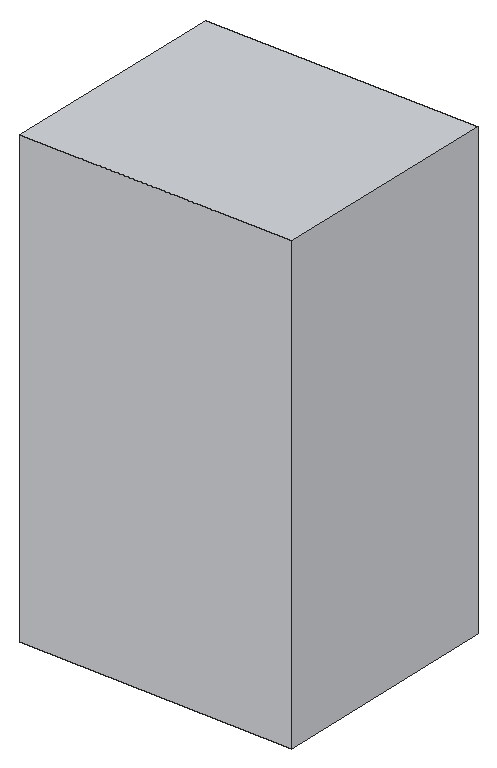
Revit family "Pump_Rheem_DeliverySkid", category Mechanical Equipment, Revit 2014 (continued)
Automatic sketch dimensions
  Extrusion 122 sketch curve to Extrusion 122 sketch curve = 0.871 mm
  Extrusion 122 sketch curve to Extrusion 122 sketch curve = 3 mm  (x2)
  plane 1 "Center (Front/Back)" to Extrusion 122 sketch curve = 90.553 mm
  Extrusion 122 sketch curve to Extrusion 122 sketch curve = 7.629 mm
  Extrusion 122 sketch curve to Extrusion 122 sketch curve = 0.36 mm
  plane 1 "Center (Front/Back)" to Extrusion 122 sketch curve = 110.599 mm
  Extrusion 122 sketch curve to Extrusion 122 sketch curve = 2.719 mm
  Extrusion 122 sketch curve to Extrusion 122 sketch curve = 0.421 mm
  plane 1 "Center (Front/Back)" to Extrusion 122 sketch curve = 109.016 mm
  Extrusion 122 sketch curve to Extrusion 122 sketch curve = 2.55 mm
  plane 1 "Center (Front/Back)" to Extrusion 122 sketch curve = 141.763 mm
  plane 1 "Center (Front/Back)" to Extrusion 122 sketch curve = 145.263 mm
  Extrusion 122 sketch curve to Extrusion 122 sketch curve = 0.5 mm
  Extrusion 123 sketch curve to plane 3 "Center (Left/Right)" = 156.49 mm
  Extrusion 123 sketch curve to Extrusion 123 sketch curve = 2 mm  (x3)
  Extrusion 123 sketch curve to Extrusion 123 sketch curve = 15.999 mm  (x2)
  plane 1 "Center (Front/Back)" to Extrusion 123 sketch curve = 2.023 mm
  Extrusion 123 sketch curve to Extrusion 123 sketch curve = 84.78 mm
  Extrusion 124 sketch curve to Extrusion 124 sketch curve = 0 mm  (x2)
  Extrusion 124 sketch curve to plane 3 "Center (Left/Right)" = 167.989 mm
  Extrusion 124 sketch curve to Extrusion 124 sketch curve = 7.952 mm  (x2)
  Extrusion 124 sketch curve to Extrusion 124 sketch curve = 2.639 mm  (x2)
  Extrusion 124 sketch curve to Extrusion 124 sketch curve = 13.546 mm
  Extrusion 124 sketch curve to Extrusion 124 sketch curve = 4.419 mm
  Extrusion 124 sketch curve to Extrusion 124 sketch curve = 4.75 mm
  plane 1 "Center (Front/Back)" to Extrusion 124 sketch curve = 148.513 mm
  Extrusion 124 sketch curve to Extrusion 124 sketch curve = 10.907 mm
  Extrusion 125 sketch curve to plane 3 "Center (Left/Right)" = 155.295 mm
  Extrusion 125 sketch curve to Extrusion 125 sketch curve = 4.402 mm  (x3)
  Extrusion 125 sketch curve to Extrusion 125 sketch curve = 8.805 mm  (x2)
  plane 1 "Center (Front/Back)" to Extrusion 125 sketch curve = 134.639 mm
  Extrusion 125 sketch curve to Extrusion 125 sketch curve = 7.625 mm  (x3)
  Extrusion 126 sketch curve to plane 3 "Center (Left/Right)" = 146.491 mm
  plane 1 "Center (Front/Back)" to Extrusion 126 sketch curve = 127.014 mm
  Extrusion 127 sketch curve to plane 3 "Center (Left/Right)" = 151.491 mm
  Extrusion 127 sketch curve to Extrusion 127 sketch curve = 1.802 mm  (x4)
  Extrusion 127 sketch curve to Extrusion 127 sketch curve = 3.198 mm  (x3)
  Extrusion 127 sketch curve to plane 8 = 604.294 mm
  Extrusion 127 sketch curve to Extrusion 127 sketch curve = 9.171 mm
  Revolve 128 sketch curve to plane 3 "Center (Left/Right)" = 178.965 mm
  Revolve 128 sketch curve to Revolve 128 sketch curve = 5 mm  (x3)
  Revolve 128 sketch curve to Revolve 128 sketch curve = 0.5 mm
  plane 1 "Center (Front/Back)" to Revolve 128 sketch curve = 54.369 mm
  Revolve 128 sketch curve to Revolve 128 sketch curve = 0.056 mm
  plane 1 "Center (Front/Back)" to Revolve 128 sketch curve = 75.795 mm
  Revolve 128 sketch curve to Revolve 128 sketch curve = 1.498 mm
  plane 1 "Center (Front/Back)" to Revolve 128 sketch curve = 76.323 mm
  Revolve 128 sketch curve to Revolve 128 sketch curve = 0.504 mm
  Revolve 128 sketch curve to Revolve 128 sketch curve = 0.067 mm
  Revolve 128 sketch curve to Revolve 128 sketch curve = 2.481 mm
  Revolve 128 sketch curve to Revolve 128 sketch curve = 0.147 mm
  Revolve 128 sketch curve to Revolve 128 sketch curve = 1.079 mm
  Revolve 128 sketch curve to Revolve 128 sketch curve = 6.488 mm
  Revolve 128 sketch curve to Revolve 128 sketch curve = 0 mm  (x14)
  Revolve 128 sketch curve to Revolve 128 sketch curve = 2.851 mm
  Revolve 128 sketch curve to Revolve 128 sketch curve = 5.933 mm
  plane 1 "Center (Front/Back)" to Revolve 128 sketch curve = 19.008 mm
  plane 1 "Center (Front/Back)" to Revolve 128 sketch curve = 20.745 mm
  plane 1 "Center (Front/Back)" to Revolve 128 sketch curve = 79.109 mm
  plane 1 "Center (Front/Back)" to Revolve 128 sketch curve = 77.372 mm
  Revolve 128 sketch curve to Revolve 128 sketch curve = 0.376 mm
  plane 1 "Center (Front/Back)" to Revolve 128 sketch curve = 76.887 mm
  Revolve 128 sketch curve to Revolve 128 sketch curve = 0.84 mm
  plane 1 "Center (Front/Back)" to Revolve 128 sketch curve = 21.613 mm
  Revolve 128 sketch curve to Revolve 128 sketch curve = 1.504 mm  (x6)
  plane 1 "Center (Front/Back)" to Revolve 128 sketch curve = 79.977 mm
  plane 1 "Center (Front/Back)" to Revolve 128 sketch curve = 19.876 mm
  Revolve 128 sketch curve to Revolve 128 sketch curve = 1.129 mm
  plane 1 "Center (Front/Back)" to Revolve 128 sketch curve = 78.24 mm
  Revolve 128 sketch curve to Revolve 128 sketch curve = 0.665 mm
  plane 1 "Center (Front/Back)" to Revolve 128 sketch curve = 18.139 mm
  Revolve 128 sketch curve to Revolve 128 sketch curve = 19.482 mm  (x2)
  Revolve 128 sketch curve to Revolve 128 sketch curve = 26.919 mm
  Revolve 128 sketch curve to Revolve 128 sketch curve = 1.737 mm  (x8)
  Revolve 128 sketch curve to Revolve 128 sketch curve = 16.823 mm
  Revolve 128 sketch curve to Revolve 128 sketch curve = 0.082 mm
  Revolve 128 sketch curve to Revolve 128 sketch curve = 3 mm
  Revolve 128 sketch curve to Revolve 128 sketch curve = 42.856 mm
  Revolve 128 sketch curve to Revolve 128 sketch curve = 7.14 mm
  Revolve 128 sketch curve to Revolve 128 sketch curve = 18.749 mm
  Revolve 128 sketch curve to Revolve 128 sketch curve = 0.652 mm
  Revolve 128 sketch curve to Revolve 128 sketch curve = 1.52 mm
  Revolve 128 sketch curve to Revolve 128 sketch curve = 0.869 mm  (x3)
  Revolve 128 sketch curve to Revolve 128 sketch curve = 15.366 mm
  Revolve 128 sketch curve to Revolve 128 sketch curve = 4.343 mm
  Revolve 128 sketch curve to plane 1 "Center (Front/Back)" = 21.861 mm
  Extrusion 129 sketch curve to plane 3 "Center (Left/Right)" = 181.491 mm
  Extrusion 129 sketch curve to Extrusion 129 sketch curve = 10.251 mm  (x6)
  Extrusion 129 sketch curve to Extrusion 129 sketch curve = 24.749 mm  (x8)
  Extrusion 129 sketch curve to plane 8 = 613.768 mm
  Extrusion 130 sketch curve to plane 3 "Center (Left/Right)" = 171.491 mm
  Extrusion 130 sketch curve to Extrusion 130 sketch curve = 7.322 mm  (x6)
  Extrusion 130 sketch curve to Extrusion 130 sketch curve = 17.678 mm  (x8)
  Extrusion 130 sketch curve to plane 8 = 623.768 mm
  plane 5 to Sweep 131 sketch curve = 125.092 mm
  level to Sweep 131 sketch curve = 677.188 mm
  Sweep 131 sketch curve to Sweep 131 sketch curve = 37.998 mm
  Sweep 131 sketch curve to profile plane = 0 mm  (x2)
  Revolve 132 sketch curve to plane 3 "Center (Left/Right)" = 171.491 mm
  Revolve 132 sketch curve to Revolve 132 sketch curve = 3.918 mm  (x2)
  Revolve 132 sketch curve to Revolve 132 sketch curve = 0 mm  (x4)
  Revolve 132 sketch curve to Revolve 132 sketch curve = 0.02 mm
  Revolve 132 sketch curve to Revolve 132 sketch curve = 1.621 mm  (x4)
  Revolve 132 sketch curve to Revolve 132 sketch curve = 1.601 mm
  Revolve 132 sketch curve to Revolve 132 sketch curve = 19.461 mm
  level to Revolve 132 sketch curve = 664.037 mm
  Revolve 132 sketch curve to Revolve 132 sketch curve = 1.001 mm
  Revolve 132 sketch curve to Revolve 132 sketch curve = 1.013 mm  (x9)
  Revolve 132 sketch curve to Revolve 132 sketch curve = 3.032 mm
  Revolve 132 sketch curve to Revolve 132 sketch curve = 8.035 mm
  Revolve 132 sketch curve to Revolve 132 sketch curve = 2.052 mm
  plane 5 to Extrusion 133 sketch curve = 113.169 mm
  Extrusion 133 sketch curve to Extrusion 133 sketch curve = 7.637 mm  (x6)
  Extrusion 133 sketch curve to Extrusion 133 sketch curve = 18.437 mm  (x8)
  plane 3 "Center (Left/Right)" to Extrusion 133 sketch curve = 120.416 mm
  plane 5 to Extrusion 134 sketch curve = 122.094 mm
  Extrusion 134 sketch curve to Extrusion 134 sketch curve = 10.251 mm  (x6)
  Extrusion 134 sketch curve to Extrusion 134 sketch curve = 24.749 mm  (x8)
  plane 3 "Center (Left/Right)" to Extrusion 134 sketch curve = 111.491 mm
  plane 5 to Extrusion 135 sketch curve = 112.094 mm
  Extrusion 135 sketch curve to Extrusion 135 sketch curve = 7.322 mm  (x6)
  Extrusion 135 sketch curve to Extrusion 135 sketch curve = 17.678 mm  (x8)
  plane 3 "Center (Left/Right)" to Extrusion 135 sketch curve = 121.491 mm
  Extrusion 136 sketch curve to Extrusion 136 sketch curve = 0 mm  (x3)
  plane 5 to Extrusion 136 sketch curve = 27.122 mm
  Extrusion 136 sketch curve to Extrusion 136 sketch curve = 0.871 mm
  Extrusion 136 sketch curve to Extrusion 136 sketch curve = 3 mm  (x2)
  Extrusion 136 sketch curve to Extrusion 136 sketch curve = 0.469 mm
  Extrusion 136 sketch curve to Extrusion 136 sketch curve = 3.031 mm
  Extrusion 136 sketch curve to Extrusion 136 sketch curve = 7.629 mm
  Extrusion 136 sketch curve to Extrusion 136 sketch curve = 0.36 mm
  Extrusion 136 sketch curve to Extrusion 136 sketch curve = 2.719 mm
  Extrusion 136 sketch curve to Extrusion 136 sketch curve = 0.421 mm
  Extrusion 136 sketch curve to Extrusion 136 sketch curve = 2.55 mm
  Extrusion 136 sketch curve to Extrusion 136 sketch curve = 0.5 mm
  Extrusion 136 sketch curve to plane 8 = 568.602 mm
  Extrusion 136 sketch curve to Extrusion 136 sketch curve = 29.498 mm
  Extrusion 136 sketch curve to Extrusion 136 sketch curve = 0.096 mm
  Extrusion 136 sketch curve to Extrusion 136 sketch curve = 18.546 mm
  plane 3 "Center (Left/Right)" to Extrusion 137 sketch curve = 156.49 mm
  Extrusion 137 sketch curve to Extrusion 137 sketch curve = 2 mm  (x3)
  Extrusion 137 sketch curve to Extrusion 137 sketch curve = 15.999 mm  (x2)
  Extrusion 137 sketch curve to plane 8 = 625.062 mm
  Extrusion 137 sketch curve to Extrusion 137 sketch curve = 84.78 mm
  plane 5 to Extrusion 138 sketch curve = 53.594 mm
  Extrusion 138 sketch curve to Extrusion 138 sketch curve = 9.171 mm
  Extrusion 138 sketch curve to Extrusion 138 sketch curve = 0 mm
  Extrusion 138 sketch curve to Extrusion 138 sketch curve = 1.802 mm  (x3)
  plane 3 "Center (Left/Right)" to Extrusion 138 sketch curve = 141.491 mm
  Extrusion 138 sketch curve to Extrusion 138 sketch curve = 3.198 mm  (x3)
  Extrusion 139 sketch curve to Extrusion 139 sketch curve = 0 mm  (x2)
  Extrusion 139 sketch curve to plane 3 "Center (Left/Right)" = 137.322 mm
  Extrusion 139 sketch curve to Extrusion 139 sketch curve = 4.75 mm
  Extrusion 139 sketch curve to Extrusion 139 sketch curve = 9.169 mm
  Extrusion 139 sketch curve to Extrusion 139 sketch curve = 10.907 mm  (x2)
  Extrusion 139 sketch curve to Extrusion 139 sketch curve = 2.639 mm  (x2)
  Extrusion 139 sketch curve to Extrusion 139 sketch curve = 7.952 mm  (x2)
  plane 8 to Extrusion 139 sketch curve = 565.352 mm
  Extrusion 140 sketch curve to plane 3 "Center (Left/Right)" = 137.686 mm
  Extrusion 140 sketch curve to Extrusion 140 sketch curve = 4.402 mm  (x3)
  Extrusion 140 sketch curve to Extrusion 140 sketch curve = 8.805 mm  (x2)
  plane 8 to Extrusion 140 sketch curve = 579.226 mm
  Extrusion 140 sketch curve to Extrusion 140 sketch curve = 7.625 mm  (x3)
  Extrusion 141 sketch curve to plane 3 "Center (Left/Right)" = 146.491 mm
  plane 8 to Extrusion 141 sketch curve = 586.851 mm
  plane 3 "Center (Left/Right)" to Revolve 142 sketch curve = 114.016 mm
  Revolve 142 sketch curve to Revolve 142 sketch curve = 5 mm  (x3)
  Revolve 142 sketch curve to Revolve 142 sketch curve = 0.5 mm
  Revolve 142 sketch curve to Revolve 142 sketch curve = 0.101 mm
  Revolve 142 sketch curve to Revolve 142 sketch curve = 1.453 mm
  Revolve 142 sketch curve to Revolve 142 sketch curve = 0.504 mm
  Revolve 142 sketch curve to Revolve 142 sketch curve = 0.067 mm
  Revolve 142 sketch curve to Revolve 142 sketch curve = 2.481 mm
  Revolve 142 sketch curve to Revolve 142 sketch curve = 0.147 mm
  Revolve 142 sketch curve to Revolve 142 sketch curve = 0.656 mm
  Revolve 142 sketch curve to Revolve 142 sketch curve = 6.488 mm
  Revolve 142 sketch curve to Revolve 142 sketch curve = 0 mm  (x24)
  Revolve 142 sketch curve to Revolve 142 sketch curve = 5.887 mm
  Revolve 142 sketch curve to Revolve 142 sketch curve = 2.851 mm
  Revolve 142 sketch curve to Revolve 142 sketch curve = 0.361 mm
  Revolve 142 sketch curve to Revolve 142 sketch curve = 0.376 mm
  Revolve 142 sketch curve to Revolve 142 sketch curve = 0.84 mm
  Revolve 142 sketch curve to Revolve 142 sketch curve = 1.504 mm  (x3)
  Revolve 142 sketch curve to Revolve 142 sketch curve = 1.143 mm
  Revolve 142 sketch curve to Revolve 142 sketch curve = 0.665 mm
  Revolve 142 sketch curve to Revolve 142 sketch curve = 1.129 mm
  Revolve 142 sketch curve to Revolve 142 sketch curve = 26.874 mm
  Revolve 142 sketch curve to Revolve 142 sketch curve = 19.482 mm
  level to Revolve 142 sketch curve = 664.037 mm
  Revolve 142 sketch curve to Revolve 142 sketch curve = 0.66 mm
  Revolve 142 sketch curve to Revolve 142 sketch curve = 1.528 mm
  Revolve 142 sketch curve to Revolve 142 sketch curve = 1.737 mm  (x22)
  Revolve 142 sketch curve to Revolve 142 sketch curve = 11.951 mm
  Revolve 142 sketch curve to Revolve 142 sketch curve = 32.539 mm
  Revolve 142 sketch curve to Revolve 142 sketch curve = 20.734 mm
  Revolve 142 sketch curve to Revolve 142 sketch curve = 0.04 mm
  Revolve 142 sketch curve to Revolve 142 sketch curve = 0.564 mm
  Revolve 142 sketch curve to Revolve 142 sketch curve = 0.485 mm
  Revolve 142 sketch curve to Revolve 142 sketch curve = 1.353 mm
  Revolve 142 sketch curve to Revolve 142 sketch curve = 0.869 mm  (x2)
  Revolve 142 sketch curve to Revolve 142 sketch curve = 16.823 mm
  Revolve 142 sketch curve to Revolve 142 sketch curve = 0.082 mm
  Revolve 142 sketch curve to Revolve 142 sketch curve = 3 mm
  Revolve 142 sketch curve to Revolve 142 sketch curve = 42.856 mm
  Revolve 142 sketch curve to Revolve 142 sketch curve = 7.14 mm
  Revolve 142 sketch curve to Revolve 142 sketch curve = 18.749 mm
  Revolve 142 sketch curve to Revolve 142 sketch curve = 0.652 mm
  Revolve 142 sketch curve to Revolve 142 sketch curve = 1.52 mm
  Revolve 142 sketch curve to Revolve 142 sketch curve = 42.791 mm
  Revolve 142 sketch curve to Revolve 142 sketch curve = 32.392 mm
  Revolve 142 sketch curve to Revolve 142 sketch curve = 4.343 mm
  plane 5 to Extrusion 143 sketch curve = 113.169 mm
  Extrusion 143 sketch curve to Extrusion 143 sketch curve = 7.637 mm  (x6)
  Extrusion 143 sketch curve to Extrusion 143 sketch curve = 18.437 mm  (x8)
  Extrusion 143 sketch curve to plane 3 "Center (Left/Right)" = 109.569 mm
  plane 5 to Extrusion 144 sketch curve = 122.094 mm
  Extrusion 144 sketch curve to Extrusion 144 sketch curve = 10.251 mm  (x6)
  Extrusion 144 sketch curve to Extrusion 144 sketch curve = 24.749 mm  (x8)
  Extrusion 144 sketch curve to plane 3 "Center (Left/Right)" = 118.495 mm
  plane 5 to Extrusion 145 sketch curve = 112.094 mm
  Extrusion 145 sketch curve to Extrusion 145 sketch curve = 7.322 mm  (x6)
  Extrusion 145 sketch curve to Extrusion 145 sketch curve = 17.678 mm  (x8)
  Extrusion 145 sketch curve to plane 3 "Center (Left/Right)" = 108.495 mm
  Extrusion 146 sketch curve to Extrusion 146 sketch curve = 0 mm  (x3)
  plane 5 to Extrusion 146 sketch curve = 27.122 mm
  Extrusion 146 sketch curve to Extrusion 146 sketch curve = 0.871 mm
  Extrusion 146 sketch curve to Extrusion 146 sketch curve = 3 mm  (x2)
  Extrusion 146 sketch curve to Extrusion 146 sketch curve = 0.469 mm
  Extrusion 146 sketch curve to Extrusion 146 sketch curve = 3.031 mm
  Extrusion 146 sketch curve to Extrusion 146 sketch curve = 7.629 mm
  Extrusion 146 sketch curve to Extrusion 146 sketch curve = 0.36 mm
  Extrusion 146 sketch curve to Extrusion 146 sketch curve = 2.719 mm
  Extrusion 146 sketch curve to Extrusion 146 sketch curve = 0.421 mm
  Extrusion 146 sketch curve to Extrusion 146 sketch curve = 2.55 mm
  Extrusion 146 sketch curve to Extrusion 146 sketch curve = 0.5 mm
  Extrusion 146 sketch curve to plane 8 = 568.602 mm
  Extrusion 146 sketch curve to Extrusion 146 sketch curve = 29.498 mm
  Extrusion 146 sketch curve to Extrusion 146 sketch curve = 0.096 mm
  Extrusion 146 sketch curve to Extrusion 146 sketch curve = 18.546 mm
  Extrusion 147 sketch curve to plane 3 "Center (Left/Right)" = 73.495 mm
  Extrusion 147 sketch curve to Extrusion 147 sketch curve = 2 mm  (x3)
  Extrusion 147 sketch curve to Extrusion 147 sketch curve = 15.999 mm  (x2)
  Extrusion 147 sketch curve to plane 8 = 625.062 mm
  Extrusion 147 sketch curve to Extrusion 147 sketch curve = 84.78 mm
  plane 5 to Extrusion 148 sketch curve = 53.594 mm
  Extrusion 148 sketch curve to Extrusion 148 sketch curve = 9.171 mm
  Extrusion 148 sketch curve to Extrusion 148 sketch curve = 0 mm
  Extrusion 148 sketch curve to Extrusion 148 sketch curve = 1.802 mm  (x3)
  Extrusion 148 sketch curve to plane 3 "Center (Left/Right)" = 88.495 mm
  Extrusion 148 sketch curve to Extrusion 148 sketch curve = 3.198 mm  (x3)
  Extrusion 149 sketch curve to Extrusion 149 sketch curve = 0 mm  (x2)
  plane 3 "Center (Left/Right)" to Extrusion 149 sketch curve = 92.663 mm
  Extrusion 149 sketch curve to Extrusion 149 sketch curve = 4.75 mm
  Extrusion 149 sketch curve to Extrusion 149 sketch curve = 9.169 mm
  Extrusion 149 sketch curve to Extrusion 149 sketch curve = 10.907 mm  (x2)
  Extrusion 149 sketch curve to Extrusion 149 sketch curve = 2.639 mm  (x2)
  Extrusion 149 sketch curve to Extrusion 149 sketch curve = 7.952 mm  (x2)
  plane 8 to Extrusion 149 sketch curve = 565.352 mm
  plane 3 "Center (Left/Right)" to Extrusion 150 sketch curve = 92.299 mm
  Extrusion 150 sketch curve to Extrusion 150 sketch curve = 4.402 mm  (x3)
  Extrusion 150 sketch curve to Extrusion 150 sketch curve = 8.805 mm  (x2)
  plane 8 to Extrusion 150 sketch curve = 579.226 mm
  Extrusion 150 sketch curve to Extrusion 150 sketch curve = 7.625 mm  (x3)
  plane 3 "Center (Left/Right)" to Extrusion 151 sketch curve = 83.495 mm
  plane 8 to Extrusion 151 sketch curve = 586.851 mm
  Revolve 152 sketch curve to plane 3 "Center (Left/Right)" = 115.969 mm
  Revolve 152 sketch curve to Revolve 152 sketch curve = 5 mm  (x3)
  Revolve 152 sketch curve to Revolve 152 sketch curve = 0.5 mm
  Revolve 152 sketch curve to Revolve 152 sketch curve = 0.101 mm
  Revolve 152 sketch curve to Revolve 152 sketch curve = 1.453 mm
  Revolve 152 sketch curve to Revolve 152 sketch curve = 0.504 mm
  Revolve 152 sketch curve to Revolve 152 sketch curve = 0.067 mm
  Revolve 152 sketch curve to Revolve 152 sketch curve = 2.481 mm
  Revolve 152 sketch curve to Revolve 152 sketch curve = 0.147 mm
  Revolve 152 sketch curve to Revolve 152 sketch curve = 0.656 mm
  Revolve 152 sketch curve to Revolve 152 sketch curve = 6.488 mm
  Revolve 152 sketch curve to Revolve 152 sketch curve = 0 mm  (x24)
  Revolve 152 sketch curve to Revolve 152 sketch curve = 5.887 mm
  Revolve 152 sketch curve to Revolve 152 sketch curve = 2.851 mm
  Revolve 152 sketch curve to Revolve 152 sketch curve = 0.361 mm
  Revolve 152 sketch curve to Revolve 152 sketch curve = 0.376 mm
  Revolve 152 sketch curve to Revolve 152 sketch curve = 0.84 mm
  Revolve 152 sketch curve to Revolve 152 sketch curve = 1.504 mm  (x3)
  Revolve 152 sketch curve to Revolve 152 sketch curve = 1.143 mm
  Revolve 152 sketch curve to Revolve 152 sketch curve = 0.665 mm
  Revolve 152 sketch curve to Revolve 152 sketch curve = 1.129 mm
  Revolve 152 sketch curve to Revolve 152 sketch curve = 26.874 mm
  Revolve 152 sketch curve to Revolve 152 sketch curve = 19.482 mm
  level to Revolve 152 sketch curve = 664.037 mm
  Revolve 152 sketch curve to Revolve 152 sketch curve = 0.66 mm
  Revolve 152 sketch curve to Revolve 152 sketch curve = 1.528 mm
  Revolve 152 sketch curve to Revolve 152 sketch curve = 1.737 mm  (x22)
  Revolve 152 sketch curve to Revolve 152 sketch curve = 11.951 mm
  Revolve 152 sketch curve to Revolve 152 sketch curve = 32.539 mm
  Revolve 152 sketch curve to Revolve 152 sketch curve = 20.734 mm
  Revolve 152 sketch curve to Revolve 152 sketch curve = 0.04 mm
  Revolve 152 sketch curve to Revolve 152 sketch curve = 0.564 mm
  Revolve 152 sketch curve to Revolve 152 sketch curve = 0.485 mm
  Revolve 152 sketch curve to Revolve 152 sketch curve = 1.353 mm
  Revolve 152 sketch curve to Revolve 152 sketch curve = 0.869 mm  (x2)
  Revolve 152 sketch curve to Revolve 152 sketch curve = 16.823 mm
  Revolve 152 sketch curve to Revolve 152 sketch curve = 0.082 mm
  Revolve 152 sketch curve to Revolve 152 sketch curve = 3 mm
  Revolve 152 sketch curve to Revolve 152 sketch curve = 42.856 mm
  Revolve 152 sketch curve to Revolve 152 sketch curve = 7.14 mm
  Revolve 152 sketch curve to Revolve 152 sketch curve = 18.749 mm
  Revolve 152 sketch curve to Revolve 152 sketch curve = 0.652 mm
  Revolve 152 sketch curve to Revolve 152 sketch curve = 1.52 mm
  Revolve 152 sketch curve to Revolve 152 sketch curve = 42.791 mm
  Revolve 152 sketch curve to Revolve 152 sketch curve = 32.392 mm
  Revolve 152 sketch curve to Revolve 152 sketch curve = 4.343 mm
  Revolve 153 sketch curve to plane 8 = 0 mm
  Revolve 153 sketch curve to plane 3 "Center (Left/Right)" = 63.972 mm
  Revolve 153 sketch curve to Revolve 153 sketch curve = 5 mm  (x3)
  Revolve 153 sketch curve to Revolve 153 sketch curve = 0.5 mm
  Revolve 153 sketch curve to Revolve 153 sketch curve = 2.481 mm
  Revolve 153 sketch curve to Revolve 153 sketch curve = 0.147 mm
  Revolve 153 sketch curve to Revolve 153 sketch curve = 0.656 mm
  Revolve 153 sketch curve to Revolve 153 sketch curve = 6.488 mm
  Revolve 153 sketch curve to Revolve 153 sketch curve = 0 mm  (x8)
  Revolve 153 sketch curve to Revolve 153 sketch curve = 0.376 mm
  Revolve 153 sketch curve to Revolve 153 sketch curve = 1.504 mm  (x2)
  Revolve 153 sketch curve to Revolve 153 sketch curve = 1.129 mm
  Revolve 153 sketch curve to Revolve 153 sketch curve = 20.986 mm
  Revolve 153 sketch curve to Revolve 153 sketch curve = 23.838 mm
  Revolve 153 sketch curve to plane 8 = 17.911 mm
  Revolve 153 sketch curve to Revolve 153 sketch curve = 0.082 mm
  Revolve 153 sketch curve to Revolve 153 sketch curve = 3 mm
  Revolve 153 sketch curve to Revolve 153 sketch curve = 42.856 mm
  Revolve 153 sketch curve to Revolve 153 sketch curve = 7.14 mm
  Revolve 153 sketch curve to Revolve 153 sketch curve = 18.749 mm
  Revolve 153 sketch curve to Revolve 153 sketch curve = 0.652 mm
  Revolve 153 sketch curve to Revolve 153 sketch curve = 1.52 mm
  Revolve 153 sketch curve to Revolve 153 sketch curve = 1.737 mm  (x4)
  Revolve 153 sketch curve to Revolve 153 sketch curve = 0.869 mm  (x6)
  Revolve 153 sketch curve to Revolve 153 sketch curve = 20.499 mm
  Revolve 153 sketch curve to plane 3 "Center (Left/Right)" = 31.498 mm
  plane 8 to Revolve 153 sketch curve = 61.619 mm
  Revolve 153 sketch curve to Revolve 153 sketch curve = 40 mm
  Extrusion 154 sketch curve to plane 3 "Center (Left/Right)" = 57.572 mm
  Extrusion 154 sketch curve to Extrusion 154 sketch curve = 7.637 mm  (x5)
  Extrusion 154 sketch curve to Extrusion 154 sketch curve = 18.437 mm  (x6)
  Extrusion 154 sketch curve to plane 3 "Center (Left/Right)" = 13.061 mm  (x2)
  Extrusion 154 sketch curve to plane 3 "Center (Left/Right)" = 5.423 mm
  Extrusion 154 sketch curve to plane 1 "Center (Front/Back)" = 94.895 mm
  Extrusion 155 sketch curve to plane 8 = 7.674 mm  (x2)
  Extrusion 155 sketch curve to plane 3 "Center (Left/Right)" = 41.497 mm
  Extrusion 155 sketch curve to Extrusion 155 sketch curve = 2 mm  (x3)
  Extrusion 155 sketch curve to Extrusion 155 sketch curve = 15.999 mm
  plane 8 to Extrusion 155 sketch curve = 77.107 mm
  Extrusion 156 sketch curve to Extrusion 156 sketch curve = 0 mm  (x3)
  Extrusion 156 sketch curve to plane 8 = 9.674 mm
  Extrusion 156 sketch curve to plane 1 "Center (Front/Back)" = 60.997 mm
  Extrusion 156 sketch curve to plane 8 = 12.924 mm
  Extrusion 156 sketch curve to Extrusion 156 sketch curve = 0.871 mm
  Extrusion 156 sketch curve to Extrusion 156 sketch curve = 3 mm  (x2)
  Extrusion 156 sketch curve to plane 8 = 11.424 mm
  Extrusion 156 sketch curve to Extrusion 156 sketch curve = 7.629 mm
  Extrusion 156 sketch curve to Extrusion 156 sketch curve = 0.36 mm
  Extrusion 156 sketch curve to plane 8 = 31.47 mm
  Extrusion 156 sketch curve to Extrusion 156 sketch curve = 2.719 mm
  Extrusion 156 sketch curve to Extrusion 156 sketch curve = 0.421 mm
  Extrusion 156 sketch curve to plane 8 = 29.887 mm
  Extrusion 156 sketch curve to Extrusion 156 sketch curve = 2.55 mm
  Extrusion 156 sketch curve to Extrusion 156 sketch curve = 0.5 mm
  Extrusion 156 sketch curve to Extrusion 156 sketch curve = 29.498 mm
  Extrusion 157 sketch curve to Extrusion 157 sketch curve = 0 mm  (x2)
  Extrusion 157 sketch curve to plane 3 "Center (Left/Right)" = 52.997 mm
  Extrusion 157 sketch curve to Extrusion 157 sketch curve = 7.952 mm  (x2)
  Extrusion 157 sketch curve to Extrusion 157 sketch curve = 2.639 mm  (x2)
  Extrusion 157 sketch curve to Extrusion 157 sketch curve = 13.546 mm  (x2)
  Extrusion 157 sketch curve to Extrusion 157 sketch curve = 4.419 mm
  Extrusion 157 sketch curve to Extrusion 157 sketch curve = 4.75 mm
  Extrusion 157 sketch curve to plane 8 = 69.384 mm
  Extrusion 158 sketch curve to plane 3 "Center (Left/Right)" = 40.302 mm
  Extrusion 158 sketch curve to Extrusion 158 sketch curve = 4.402 mm  (x3)
  Extrusion 158 sketch curve to Extrusion 158 sketch curve = 8.805 mm  (x2)
  Extrusion 158 sketch curve to plane 8 = 55.51 mm
  Extrusion 158 sketch curve to Extrusion 158 sketch curve = 7.625 mm  (x3)
  Extrusion 159 sketch curve to plane 3 "Center (Left/Right)" = 31.498 mm
  Extrusion 159 sketch curve to plane 8 = 47.885 mm
  Extrusion 160 sketch curve to plane 3 "Center (Left/Right)" = 36.498 mm
  Extrusion 160 sketch curve to Extrusion 160 sketch curve = 1.802 mm  (x4)
  Extrusion 160 sketch curve to Extrusion 160 sketch curve = 3.198 mm  (x3)
  Extrusion 160 sketch curve to plane 1 "Center (Front/Back)" = 76.496 mm
  Extrusion 160 sketch curve to Extrusion 160 sketch curve = 9.171 mm
  Revolve 161 sketch curve to plane 3 "Center (Left/Right)" = 31.498 mm  (x2)
  Revolve 161 sketch curve to plane 3 "Center (Left/Right)" = 10.512 mm
  plane 3 "Center (Left/Right)" to Revolve 161 sketch curve = 11.805 mm
  Revolve 161 sketch curve to Revolve 161 sketch curve = 0 mm
  Revolve 161 sketch curve to Revolve 161 sketch curve = 19.193 mm
  Revolve 161 sketch curve to Revolve 161 sketch curve = 7.5 mm  (x2)
  Revolve 161 sketch curve to plane 8 = 264.073 mm
  Revolve 161 sketch curve to Revolve 161 sketch curve = 0.488 mm
  Revolve 161 sketch curve to Revolve 161 sketch curve = 13.952 mm
  Revolve 161 sketch curve to Revolve 161 sketch curve = 3.761 mm
  Revolve 161 sketch curve to Revolve 161 sketch curve = 3 mm
  Revolve 161 sketch curve to Revolve 161 sketch curve = 2 mm
  Revolve 161 sketch curve to Revolve 161 sketch curve = 15.999 mm
  Revolve 161 sketch curve to Revolve 161 sketch curve = 108.493 mm
  Revolve 161 sketch curve to Revolve 161 sketch curve = 23.498 mm
  Revolve 161 sketch curve to Revolve 161 sketch curve = 5 mm
  Extrusion 162 sketch curve to plane 1 "Center (Front/Back)" = 154.967 mm
  Extrusion 162 sketch curve to plane 4 = 97.039 mm
  Extrusion 162 sketch curve to Extrusion 162 sketch curve = 2 mm
  Extrusion 162 sketch curve to plane 8 = 449.86 mm
  Extrusion 162 sketch curve to plane 8 = 143.118 mm
  Extrusion 162 sketch curve to Extrusion 162 sketch curve = 0.353 mm
  Extrusion 162 sketch curve to Extrusion 162 sketch curve = 2.031 mm  (x2)
  Extrusion 162 sketch curve to Extrusion 162 sketch curve = 17.279 mm
  Extrusion 163 sketch curve to plane 8 = 334.091 mm
  plane 7 to Extrusion 163 sketch curve = 1785.08 mm
  Extrusion 163 sketch curve to plane 3 "Center (Left/Right)" = 157.036 mm
  Extrusion 163 sketch curve to plane 3 "Center (Left/Right)" = 48.01 mm  (x2)
  Extrusion 163 sketch curve to plane 3 "Center (Left/Right)" = 23.445 mm
  Extrusion 163 sketch curve to plane 3 "Center (Left/Right)" = 20.093 mm
  Extrusion 163 sketch curve to plane 8 = 335.964 mm
  Extrusion 163 sketch curve to Extrusion 163 sketch curve = 84.868 mm
  Extrusion 163 sketch curve to Extrusion 163 sketch curve = 102.915 mm
  Extrusion 163 sketch curve to Extrusion 163 sketch curve = 88.004 mm
  Extrusion 163 sketch curve to Extrusion 163 sketch curve = 99.778 mm
  Extrusion 163 sketch curve to Extrusion 163 sketch curve = 36.302 mm
  Extrusion 163 sketch curve to Extrusion 163 sketch curve = 0 mm  (x3)
  Extrusion 164 sketch curve to plane 8 = 385.013 mm
  plane 7 to Extrusion 164 sketch curve = 1521.246 mm
  plane 3 "Center (Left/Right)" to Extrusion 164 sketch curve = 107.311 mm
  Extrusion 164 sketch curve to plane 6 = 191.663 mm  (x2)
  Extrusion 164 sketch curve to Extrusion 164 sketch curve = 24.564 mm
  Extrusion 164 sketch curve to Extrusion 164 sketch curve = 26.098 mm
  Extrusion 164 sketch curve to plane 8 = 386.303 mm
  Extrusion 164 sketch curve to Extrusion 164 sketch curve = 84.868 mm
  Extrusion 164 sketch curve to Extrusion 164 sketch curve = 102.915 mm
  Extrusion 164 sketch curve to Extrusion 164 sketch curve = 86.337 mm
  Extrusion 164 sketch curve to Extrusion 164 sketch curve = 101.445 mm
  plane 3 "Center (Left/Right)" to Extrusion 164 sketch curve = 71.009 mm
  Extrusion 164 sketch curve to Extrusion 164 sketch curve = 0 mm  (x3)
  plane 5 to Extrusion 165 sketch curve = 99.075 mm
  Extrusion 165 sketch curve to Extrusion 165 sketch curve = 3.509 mm  (x6)
  Extrusion 165 sketch curve to Extrusion 165 sketch curve = 8.471 mm  (x8)
  Extrusion 165 sketch curve to plane 3 "Center (Left/Right)" = 191.755 mm
  plane 5 to Extrusion 166 sketch curve = 99.094 mm
  Extrusion 166 sketch curve to Extrusion 166 sketch curve = 3.515 mm  (x6)
  Extrusion 166 sketch curve to Extrusion 166 sketch curve = 8.485 mm  (x8)
  Extrusion 166 sketch curve to plane 3 "Center (Left/Right)" = 191.774 mm
  plane 5 to Extrusion 167 sketch curve = 97.094 mm
  Extrusion 167 sketch curve to Extrusion 167 sketch curve = 2.929 mm  (x6)
  Extrusion 167 sketch curve to Extrusion 167 sketch curve = 7.071 mm  (x8)
  Extrusion 167 sketch curve to plane 3 "Center (Left/Right)" = 189.774 mm
  Revolve 168 sketch curve to plane 3 "Center (Left/Right)" = 192.313 mm
  Revolve 168 sketch curve to Revolve 168 sketch curve = 1.163 mm  (x2)
  Revolve 168 sketch curve to Revolve 168 sketch curve = 0 mm  (x8)
  Revolve 168 sketch curve to Revolve 168 sketch curve = 0.624 mm
  Revolve 168 sketch curve to Revolve 168 sketch curve = 0.74 mm
  Revolve 168 sketch curve to Revolve 168 sketch curve = 0.84 mm  (x5)
  Revolve 168 sketch curve to Revolve 168 sketch curve = 1.048 mm
  Revolve 168 sketch curve to Revolve 168 sketch curve = 1.44 mm  (x6)
  Revolve 168 sketch curve to Revolve 168 sketch curve = 5.212 mm
  Revolve 168 sketch curve to Revolve 168 sketch curve = 1.787 mm
  Revolve 168 sketch curve to Revolve 168 sketch curve = 2.7 mm
  Revolve 168 sketch curve to Revolve 168 sketch curve = 2.839 mm
  Revolve 168 sketch curve to Revolve 168 sketch curve = 8.147 mm  (x2)
  Revolve 168 sketch curve to plane 8 = 485.857 mm
  Revolve 168 sketch curve to Revolve 168 sketch curve = 53.325 mm
  Revolve 168 sketch curve to Revolve 168 sketch curve = 0.973 mm
  Revolve 168 sketch curve to Revolve 168 sketch curve = 0.705 mm  (x8)
  Revolve 168 sketch curve to Revolve 168 sketch curve = 6.308 mm
  Revolve 168 sketch curve to Revolve 168 sketch curve = 15 mm  (x2)
  Revolve 168 sketch curve to Revolve 168 sketch curve = 0.667 mm
  Revolve 168 sketch curve to Revolve 168 sketch curve = 1.208 mm  (x7)
  Revolve 168 sketch curve to Revolve 168 sketch curve = 2.416 mm
  Revolve 168 sketch curve to Revolve 168 sketch curve = 6.2 mm
  Revolve 168 sketch curve to Revolve 168 sketch curve = 12.666 mm
  Revolve 168 sketch curve to Revolve 168 sketch curve = 86.451 mm
  Revolve 169 sketch curve to plane 7 = 135.724 mm
  Revolve 169 sketch curve to Revolve 169 sketch curve = 0.648 mm
  Revolve 169 sketch curve to Revolve 169 sketch curve = 0.678 mm
  Revolve 169 sketch curve to Revolve 169 sketch curve = 0.147 mm  (x2)
  Revolve 169 sketch curve to Revolve 169 sketch curve = 0.887 mm
  Revolve 169 sketch curve to Revolve 169 sketch curve = 1.796 mm
  Revolve 169 sketch curve to Revolve 169 sketch curve = 1.191 mm
  Revolve 169 sketch curve to Revolve 169 sketch curve = 0.053 mm
  Revolve 169 sketch curve to Revolve 169 sketch curve = 0.291 mm
  Revolve 169 sketch curve to Revolve 169 sketch curve = 1.16 mm
  Revolve 169 sketch curve to Revolve 169 sketch curve = 1.441 mm
  Revolve 169 sketch curve to Revolve 169 sketch curve = 0.654 mm
  Revolve 169 sketch curve to Revolve 169 sketch curve = 1.235 mm
  Revolve 169 sketch curve to Revolve 169 sketch curve = 16.645 mm
  Revolve 169 sketch curve to plane 8 = 485.857 mm
  Revolve 169 sketch curve to Revolve 169 sketch curve = 54.006 mm
  Revolve 169 sketch curve to Revolve 169 sketch curve = 1.958 mm
  Revolve 169 sketch curve to Revolve 169 sketch curve = 0.506 mm
  Revolve 169 sketch curve to Revolve 169 sketch curve = 1.31 mm
  Revolve 169 sketch curve to Revolve 169 sketch curve = 6.636 mm
  Revolve 169 sketch curve to Revolve 169 sketch curve = 1.537 mm
  Revolve 169 sketch curve to Revolve 169 sketch curve = 4.897 mm
  Revolve 169 sketch curve to Revolve 169 sketch curve = 0.38 mm
  Revolve 169 sketch curve to Revolve 169 sketch curve = 2.847 mm
  Revolve 169 sketch curve to Revolve 169 sketch curve = 1.742 mm
  Revolve 169 sketch curve to Revolve 169 sketch curve = 10.399 mm
  Revolve 169 sketch curve to Revolve 169 sketch curve = 0 mm  (x2)
  Revolve 169 sketch curve to Revolve 169 sketch curve = 5 mm
  plane 5 to Extrusion 170 sketch curve = 62.25 mm
  Extrusion 170 sketch curve to plane 7 = 153.008 mm
  Extrusion 170 sketch curve to Extrusion 170 sketch curve = 35 mm  (x2)
  Revolve 171 sketch curve to plane 7 = 127.777 mm
  Revolve 171 sketch curve to Revolve 171 sketch curve = 1.706 mm
  plane 5 to Revolve 171 sketch curve = 110.052 mm
  Revolve 171 sketch curve to Revolve 171 sketch curve = 3.884 mm
  plane 5 to Revolve 171 sketch curve = 112.301 mm
  Revolve 171 sketch curve to Revolve 171 sketch curve = 2.249 mm
  plane 5 to Revolve 171 sketch curve = 99.373 mm
  Revolve 171 sketch curve to Revolve 171 sketch curve = 0.244 mm  (x2)
  Revolve 171 sketch curve to Revolve 171 sketch curve = 2.007 mm
  Revolve 171 sketch curve to Revolve 171 sketch curve = 2.25 mm
  Extrusion 172 sketch curve to plane 8 = 334.091 mm
  plane 7 to Extrusion 172 sketch curve = 1785.08 mm
  Extrusion 172 sketch curve to plane 3 "Center (Left/Right)" = 157.036 mm
  Extrusion 172 sketch curve to Extrusion 172 sketch curve = 55.542 mm
  Extrusion 172 sketch curve to plane 3 "Center (Left/Right)" = 48.01 mm
  Extrusion 172 sketch curve to plane 3 "Center (Left/Right)" = 23.445 mm
  plane 3 "Center (Left/Right)" to Extrusion 172 sketch curve = 1.601 mm
  plane 3 "Center (Left/Right)" to Extrusion 172 sketch curve = 7.294 mm
  plane 3 "Center (Left/Right)" to Extrusion 172 sketch curve = 33.498 mm
  Extrusion 172 sketch curve to Extrusion 172 sketch curve = 49.7 mm
  Extrusion 172 sketch curve to Extrusion 172 sketch curve = 49.326 mm
  Extrusion 172 sketch curve to Extrusion 172 sketch curve = 47.441 mm
  Extrusion 172 sketch curve to plane 8 = 335.964 mm
  Extrusion 172 sketch curve to Extrusion 172 sketch curve = 46.611 mm
  Extrusion 172 sketch curve to Extrusion 172 sketch curve = 19.693 mm
  Extrusion 172 sketch curve to Extrusion 172 sketch curve = 18.564 mm
  Extrusion 172 sketch curve to Extrusion 172 sketch curve = 15.002 mm
  Extrusion 172 sketch curve to Extrusion 172 sketch curve = 14.027 mm
  Extrusion 172 sketch curve to Extrusion 172 sketch curve = 72.096 mm
  Extrusion 172 sketch curve to Extrusion 172 sketch curve = 6.32 mm
  Extrusion 172 sketch curve to Extrusion 172 sketch curve = 246.697 mm
  Extrusion 172 sketch curve to Extrusion 172 sketch curve = 118.989 mm
  Extrusion 172 sketch curve to Extrusion 172 sketch curve = 0.399 mm
  Extrusion 172 sketch curve to Extrusion 172 sketch curve = 115.404 mm
  Extrusion 172 sketch curve to Extrusion 172 sketch curve = 36.302 mm  (x2)
  Extrusion 172 sketch curve to Extrusion 172 sketch curve = 0 mm
  Extrusion 172 sketch curve to plane 3 "Center (Left/Right)" = 7.784 mm
  Extrusion 172 sketch curve to plane 3 "Center (Left/Right)" = 6.853 mm
  Revolve 173 sketch curve to plane 3 "Center (Left/Right)" = 31.498 mm
  Revolve 173 sketch curve to plane 3 "Center (Left/Right)" = 12.294 mm
  Revolve 173 sketch curve to plane 3 "Center (Left/Right)" = 10.419 mm
  plane 3 "Center (Left/Right)" to Revolve 173 sketch curve = 4 mm
  Revolve 173 sketch curve to plane 8 = 648.418 mm
  Revolve 173 sketch curve to Revolve 173 sketch curve = 95.365 mm
  Revolve 173 sketch curve to Revolve 173 sketch curve = 29.998 mm
  Revolve 173 sketch curve to Revolve 173 sketch curve = 104.418 mm
  Revolve 173 sketch curve to Revolve 173 sketch curve = 0 mm
  Revolve 173 sketch curve to Revolve 173 sketch curve = 67.22 mm
  Revolve 173 sketch curve to Revolve 173 sketch curve = 57.22 mm
  Revolve 174 sketch curve to plane 4 = 84.54 mm
  Revolve 174 sketch curve to Revolve 174 sketch curve = 30.437 mm
  Revolve 174 sketch curve to Revolve 174 sketch curve = 0.64 mm  (x2)
  Revolve 174 sketch curve to Revolve 174 sketch curve = 7.254 mm
  Revolve 174 sketch curve to Revolve 174 sketch curve = 0.037 mm
  Revolve 174 sketch curve to Revolve 174 sketch curve = 0.782 mm
  Revolve 174 sketch curve to Revolve 174 sketch curve = 1.624 mm  (x12)
  Revolve 174 sketch curve to Revolve 174 sketch curve = 1.61 mm
  Revolve 174 sketch curve to Revolve 174 sketch curve = 1.599 mm  (x13)
  Revolve 174 sketch curve to Revolve 174 sketch curve = 1.613 mm
  level to Revolve 174 sketch curve = 302.88 mm
  Revolve 174 sketch curve to Revolve 174 sketch curve = 18.777 mm
  Revolve 174 sketch curve to Revolve 174 sketch curve = 0.064 mm  (x13)
  Revolve 174 sketch curve to Revolve 174 sketch curve = 0.066 mm  (x11)
  Revolve 174 sketch curve to Revolve 174 sketch curve = 0.788 mm
  Revolve 174 sketch curve to Revolve 174 sketch curve = 1.632 mm
  Revolve 174 sketch curve to Revolve 174 sketch curve = 0.039 mm
  Revolve 174 sketch curve to Revolve 174 sketch curve = 0.138 mm
  Revolve 174 sketch curve to Revolve 174 sketch curve = 0.091 mm
  Revolve 174 sketch curve to Revolve 174 sketch curve = 21.079 mm
  Revolve 174 sketch curve to Revolve 174 sketch curve = 0.91 mm
  Revolve 174 sketch curve to Revolve 174 sketch curve = 36.897 mm
  Revolve 174 sketch curve to Revolve 174 sketch curve = 55 mm
  Revolve 174 sketch curve to Revolve 174 sketch curve = 0 mm
  Revolve 175 sketch curve to plane 3 "Center (Left/Right)" = 31.498 mm
  Revolve 175 sketch curve to Revolve 175 sketch curve = 15 mm  (x2)
  Revolve 175 sketch curve to Revolve 175 sketch curve = 7.571 mm
  Revolve 175 sketch curve to plane 1 "Center (Front/Back)" = 120.781 mm
  Revolve 175 sketch curve to Revolve 175 sketch curve = 74.679 mm
  Revolve 175 sketch curve to Revolve 175 sketch curve = 35 mm  (x2)
  Revolve 175 sketch curve to Revolve 175 sketch curve = 0 mm  (x2)
  Revolve 175 sketch curve to Revolve 175 sketch curve = 20 mm
  plane 5 to Extrusion 4 sketch curve = 81.177 mm
  Extrusion 4 sketch curve to Extrusion 4 sketch curve = 0.041 mm
  Extrusion 4 sketch curve to Extrusion 4 sketch curve = 0.503 mm
  Extrusion 4 sketch curve to Extrusion 4 sketch curve = 4.983 mm
  Extrusion 4 sketch curve to Extrusion 4 sketch curve = 1.131 mm  (x2)
  Extrusion 4 sketch curve to plane 8 = 54.519 mm
  Extrusion 4 sketch curve to Extrusion 4 sketch curve = 20.722 mm
  Extrusion 4 sketch curve to Extrusion 4 sketch curve = 0.623 mm
  Extrusion 4 sketch curve to Extrusion 4 sketch curve = 0.727 mm
  Extrusion 4 sketch curve to Extrusion 4 sketch curve = 1.698 mm
  Extrusion 4 sketch curve to Extrusion 4 sketch curve = 1.35 mm
  Extrusion 4 sketch curve to plane 8 = 56.165 mm
  Extrusion 4 sketch curve to Extrusion 4 sketch curve = 0.971 mm
  Extrusion 4 sketch curve to plane 1 "Center (Front/Back)" = 154.967 mm
  Extrusion 4 sketch curve to Extrusion 4 sketch curve = 0.494 mm
  Extrusion 4 sketch curve to Extrusion 4 sketch curve = 19.878 mm
  Extrusion 4 sketch curve to Extrusion 4 sketch curve = 3.912 mm
  Extrusion 4 sketch curve to Extrusion 4 sketch curve = 0.178 mm
  Extrusion 4 sketch curve to Extrusion 4 sketch curve = 0.116 mm
  Extrusion 4 sketch curve to plane 8 = 123.456 mm
  Extrusion 4 sketch curve to Extrusion 4 sketch curve = 2.031 mm
  Extrusion 4 sketch curve to Extrusion 4 sketch curve = 0.171 mm
  Extrusion 4 sketch curve to Extrusion 4 sketch curve = 1.489 mm
  Extrusion 4 sketch curve to Extrusion 4 sketch curve = 0.629 mm
  Extrusion 4 sketch curve to plane 8 = 83.426 mm
  Extrusion 176 sketch curve to plane 5 = 0 mm
  Extrusion 176 sketch curve to plane 7 = 0 mm
  Extrusion 176 sketch curve to plane 6 = 0 mm
  Extrusion 176 sketch curve to plane 4 = 0 mm
  curve 1 to Extrusion 176 = 0 mm  (x3)
  Extrusion 176 to curve 1 = 0 mm
  curve 2 to Extrusion 176 = 0 mm  (x4)
  curve 3 to Extrusion 176 = 0 mm  (x4)
  curve 4 to Extrusion 176 = 0 mm  (x4)
  curve 5 to Extrusion 176 = 0 mm  (x3)
  Extrusion 176 to curve 5 = 6 mm
  curve 6 to Extrusion 176 = 0 mm  (x3)
  Extrusion 176 to curve 6 = 0 mm
  radius of Extrusion 18 sketch curve = 6 mm
  radius of Extrusion 20 sketch curve = 6 mm
  radius of Extrusion 22 sketch curve = 6 mm
  radius of Extrusion 24 sketch curve = 6 mm
  radius of Extrusion 26 sketch curve = 6 mm
  radius of Extrusion 28 sketch curve = 6 mm
  radius of Extrusion 30 sketch curve = 6 mm
  radius of Extrusion 32 sketch curve = 6 mm
  radius of Extrusion 36 sketch curve = 6 mm
  radius of Extrusion 38 sketch curve = 6 mm
  radius of Extrusion 40 sketch curve = 6 mm
  radius of Extrusion 42 sketch curve = 6 mm
  radius of Extrusion 44 sketch curve = 6 mm
  radius of Extrusion 46 sketch curve = 6 mm
  radius of Extrusion 48 sketch curve = 6 mm
  radius of Extrusion 50 sketch curve = 6 mm
  radius of Extrusion 51 sketch curve = 7.999 mm  (x4)
  radius of Extrusion 52 sketch curve = 7.999 mm  (x4)
  radius of Extrusion 61 sketch curve = 5 mm
  radius of Extrusion 73 sketch curve = 5 mm
  radius of Sweep 75 sketch curve = 25 mm
  radius of Extrusion 85 sketch curve = 5 mm
  radius of Sweep 89 sketch curve = 21 mm
  radius of Sweep 90 sketch curve = 25 mm
  radius of Extrusion 100 sketch curve = 5 mm
  radius of Sweep 104 sketch curve = 21 mm
  radius of Extrusion 112 sketch curve = 5 mm
  radius of Sweep 117 sketch curve = 25 mm
  radius of Extrusion 126 sketch curve = 5 mm
  radius of Sweep 131 sketch curve = 25 mm
  radius of Extrusion 141 sketch curve = 5 mm
  radius of Extrusion 151 sketch curve = 5 mm
  radius of Extrusion 159 sketch curve = 5 mm
Connectors
  piping at (-351.977, -262.906, 882.143), diameter 60, driven by "FlowRate", driven by "OutletDiameter"
    settings: on Revolve 33, index 2, connector inside diameter 609.6 mm, connector length 0 mm, flow factor 0, pipe flow 0.0 L/s, pressure drop 0.0 Pa, fitting loss kfactor 0, connector angle 0.00°, fixture units 0, engagement length 0 mm, angle of deflection 0.00°, flow configuration 0, flow direction 2, fitting loss method 0, system type 22, joint type 0, gender type 0, connector reference index -1, connector utility 0, adjustable connector no, is connector primary yes, connector description "Outlet"
  piping at (351.977, -262.906, 141.891), diameter 60, driven by "InletDiameter", driven by "FlowRate"
    settings: on Revolve 15, index 3, connector inside diameter 609.6 mm, connector length 0 mm, flow factor 0, pipe flow 0.0 L/s, pressure drop 0.0 Pa, fitting loss kfactor 0, connector angle 0.00°, fixture units 0, engagement length 0 mm, angle of deflection 0.00°, flow configuration 1, flow direction 1, fitting loss method 0, system type 19, joint type 0, gender type 0, connector reference index -1, connector utility 0, adjustable connector no, is connector primary no, connector description "In"
  piping at (-31.498, 326.39, 302.88), diameter 32, driven by "XDiameter", driven by "FlowRate"
    settings: on Revolve 174, index 4, connector inside diameter 609.6 mm, connector length 0 mm, flow factor 0, pipe flow 0.0 L/s, pressure drop 0.0 Pa, fitting loss kfactor 0, connector angle 0.00°, fixture units 0, engagement length 0 mm, angle of deflection 0.00°, flow configuration 0, flow direction 2, fitting loss method 0, system type 16, joint type 0, gender type 0, connector reference index -1, connector utility 0, adjustable connector no, is connector primary no, connector description "Other"
  piping at (-31.498, 120.97, 1368), diameter 50, driven by "FlowRate", driven by "SupplyDiameter"
    settings: on Revolve 153, index 5, connector inside diameter 609.6 mm, connector length 0 mm, flow factor 0, pipe flow 0.0 L/s, pressure drop 0.0 Pa, fitting loss kfactor 0, connector angle 0.00°, fixture units 0, engagement length 0 mm, angle of deflection 0.00°, flow configuration 0, flow direction 2, fitting loss method 0, system type 19, joint type 0, gender type 0, connector reference index -1, connector utility 0, adjustable connector no, is connector primary no, connector description "Supply"
  electrical at (189.983, -177.451, 982.077), driven by "SupplyPhase", driven by "SupplyVoltage", driven by "ActivePower", driven by "PowerFactor"
    settings: on Extrusion 164, index 6, voltage 240 V, apparent load 0 VA, apparent load phase1 0 VA, apparent load phase2 0 VA, apparent load phase3 0 VA, power factor 1, load classification "Motor", number of poles 1, system type 30, power factor state 1, is connector primary yes, connector utility no, sub classification motor no, connector description "PowerTerminal"
  electrical at (-74.064, -177.451, 1032.665), driven by "SupplyPhase", driven by "SupplyVoltage", driven by "ActivePower", driven by "PowerFactor"
    settings: on Extrusion 163, index 7, voltage 240 V, apparent load 0 VA, apparent load phase1 0 VA, apparent load phase2 0 VA, apparent load phase3 0 VA, power factor 1, load classification "Other", number of poles 1, system type 30, power factor state 1, is connector primary no, connector utility no, sub classification motor no, connector description "PowerTerminal"
